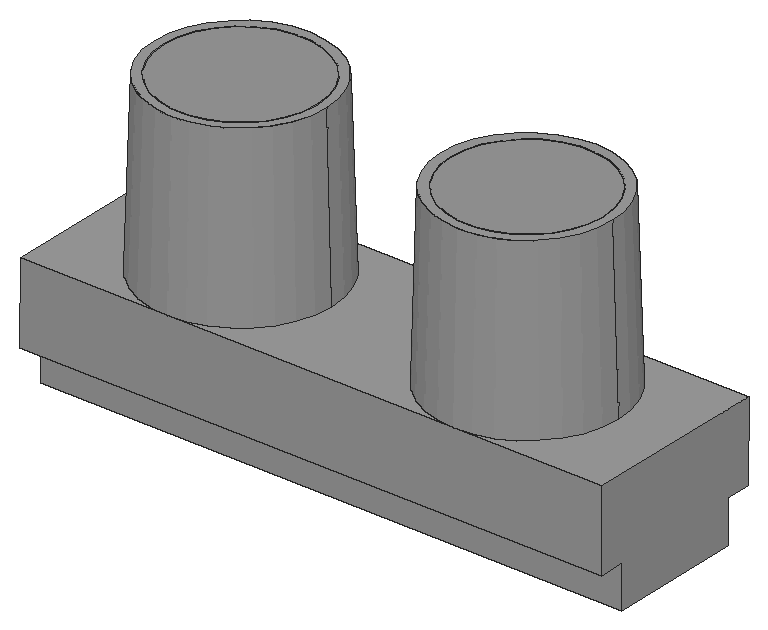
Revit family "Alcon - 15100_Dual Lens-Linear", category Lighting Fixtures, host Face, Revit 2025
Family settings
  Host = Face
  Round Connector Dimension = Use Diameter
  Part Type = Normal
  Cut with Voids When Loaded = No
  Light Source = Yes
  Maintain Annotation Orientation = No
  Shared = No
  Room Calculation Point = No
Parameters
  Wattage = 9.2903 W
  built-in parameter 1150110 = 1 (stored number, unit not read)
  built-in parameter 1114217 = 1 (stored number, unit not read)
  Tilt Angle = 60.00°
  built-in parameter 1150109 = 1 (stored number, unit not read)
  built-in parameter 1150134 = 3
  built-in parameter 1150113 = 1 (stored number, unit not read)
  built-in parameter 1010507 = 1.5708 (stored number, unit not read)
  built-in parameter 1010506 = 0.5236 (stored number, unit not read)
  built-in parameter 1150105 = 4614.1 (stored number, unit not read)
  Lumens = 1380 lm
  built-in parameter 1150115 = 1 (stored number, unit not read)
  Light Source Symbol Length = 10' - 0"
  built-in parameter 1150137 = (empty or 0)
  built-in parameter 1150139 = (empty or 0)
  built-in parameter 1150112 = 1 (stored number, unit not read)
  built-in parameter 1150114 = 1 (stored number, unit not read)
  built-in parameter 1150132 = (empty or 0)
  built-in parameter 1150102 = (empty or 0)
  built-in parameter 1150107 = 3200 (stored number, unit not read)
  built-in parameter 1150138 = (empty or 0)
  built-in parameter 1150106 = 46.141 (stored number, unit not read)
  HOUSING = Default
  Glass = Glass, Frosted
  built-in parameter 1150104 = 13.8 (stored number, unit not read)
  Dimming Lamp Color Temperature Shift = (empty or 0)
  Default Elevation = 4' - 0"
  Color Filter = 16777215
  built-in parameter 1114218 = 1 (stored number, unit not read)
  built-in parameter 1150133 = 10 (stored number, unit not read)
Reference planes (in)
  plane 1 "Center (Front/Back)": y = 0
  plane 2: z = 0
  plane 3 "Center (Left/Right)": x = 0
Forms (in)
  Extrusion 1, solid, material "Default" <- "HOUSING"
    sketch origin (0, -6.99033, 6.35123) x (0, -1, 0) y (0, 0, -1)
      loop
        line (-6.34033, 5.36282) -> (-6.34033, 5.93211) -> (-6.51937, 5.93211) -> (-6.51937, 6.23212) -> (-7.46129, 6.23212) -> (-7.46129, 5.93211) -> (-7.64033, 5.93211) -> (-7.64033, 5.36282) -> (-6.34033, 5.36282)
    from 0 to 4.13
  Blend 2, solid, material "Default" <- "HOUSING"
    base sketch origin (0, 0, 0) x (1, 0, 0) y (0, 1, 0)
      loop
        circle (1.04452, 0) r 0.65
    top sketch origin (0, 0, 0) x (1, 0, 0) y (0, 1, 0)
      loop
        circle (1.04452, 0) r 0.61169
    from 0.98841 to 2.24
  Extrusion 3, void
    sketch origin (0, 0, 1.89217) x (-1, 0, 0) y (0, 1, 0)
      loop
        circle (-1.04452, 0) r 0.54587
    from -0.34783 to 0.5
  Blend 4, solid, material "Default" <- "HOUSING"
    base sketch origin (2.03457, 0, 0) x (1, 0, 0) y (0, 1, 0)
      loop
        circle (1.04452, 0) r 0.65
    top sketch origin (2.03457, 0, 0) x (1, 0, 0) y (0, 1, 0)
      loop
        circle (1.04452, 0) r 0.61169
    from 0.98841 to 2.24
  Extrusion 5, void
    sketch origin (2.03457, 0, 1.89217) x (-1, 0, 0) y (0, 1, 0)
      loop
        circle (-1.04452, 0) r 0.54125
    from -0.34783 to 0.5
  Extrusion 6, solid, material "Glass, Frosted" <- "Glass"
    sketch origin (0, 0, 1.39217) x (-1, 0, 0) y (0, -1, 0)
      loop
        circle (-1.04452, 0) r 0.54587
      loop
        circle (-3.07909, 0) r 0.54125
    from 0.79293 to 0.84783
Cuts and joins
  Extrusion 3, Extrusion 5 cuts Blend 2
  Extrusion 5 cuts Blend 4
Dimensions and locks (in)
  aligned and locked: plane 2 to host face
  aligned and locked: level to host face
